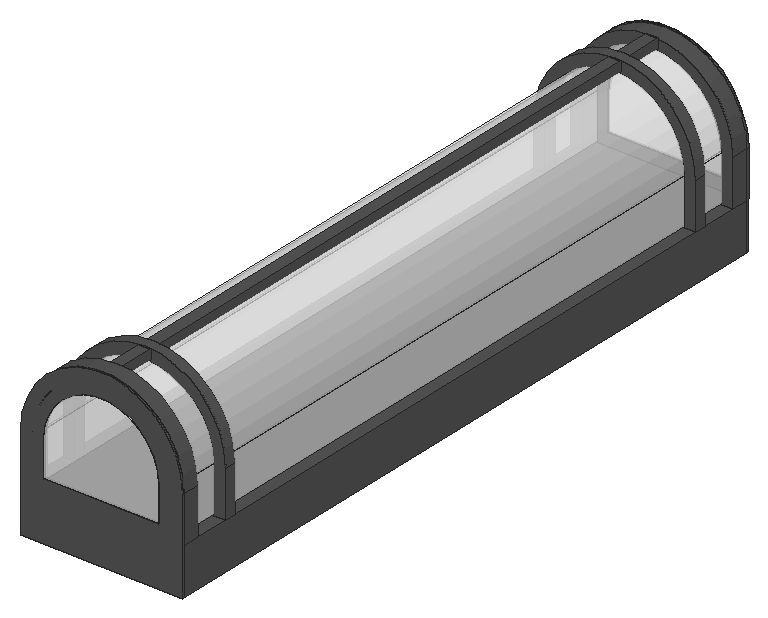
Revit family "AFX-Crain-Outdoor_Sconce", category Lighting Fixtures, host Face, Revit 2022
Family settings
  Host = Face
  Round Connector Dimension = Use Diameter
  Part Type = Normal
  Cut with Voids When Loaded = No
  Light Source = Yes
  Maintain Annotation Orientation = No
  Shared = No
  Room Calculation Point = No
Parameters (values of type "CRNW0624")
  Width = 5 1/2"
  Wattage Comments = "24W"
  Wattage = 24 W
  built-in parameter 1150110 = 1 (stored number, unit not read)
  Voltage = 120 V
  URL = "https://www.afxinc.com/"
  Type Comments = "Crain"  # constant formula
  built-in parameter 1114217 = 1 (stored number, unit not read)
  Tilt Angle = 90.00°
  built-in parameter 1150109 = 1 (stored number, unit not read)
  built-in parameter 1150134 = (empty or 0)
  built-in parameter 1150113 = 1 (stored number, unit not read)
  Revit Model Built By = "https://www.servex-us.com/servex-revit/"
  Product Documentation Link = "https://www.afxinc.com/products/productDetail.cfm?productID=2980"
  Power Factor = 1
  Photometric Web File = "CRNW0624LAJUDTG_3000K_IES.IES"
  built-in parameter 1150142 = "IESNA:LM-63-2002\r\n[TEST] LCZP24090314\r\n[TESTLAB] LCTECH 241225103003\r\n[TESTDATE] 2025/1/6\r\n[ISSUEDATE] 2025/1/6\r\n[MANUFAC] ÀÖ´ï¿­\r\n[LUMCAT] CRNW0624LAJUDTG\r\n[LUMINAIRE] LED lamp\r\n[LAMPCAT] \r\n[LAMP] \r\n[LumELE] 119.97 0.204 24.26 0.9932\r\nTILT=NONE\r\n1 1929.99 1 37 13 1 2 0.1 0.57 0.12\r\n1 1 24.26\r\n0.00 5.00 10.00 15.00 20.00 25.00 30.00 35.00 40.00 45.00 50.00 55.00 60.00 65.00 70.00 75.00 80.00 85.00 90.00 95.00 100.00 105.00 110.00 115.00 120.00 125.00 130.00 135.00 140.00 145.00 150.00 155.00 160.00 165.00 170.00 175.00 180.00\r\n0.00 15.00 30.00 45.00 60.00 75.00 90.00 105.00 120.00 135.00 150.00 165.00 180.00\r\n250.303 261.271 275.071 287.031 294.39 299.91 302.67 303.59 303.59 308.19 310.95 312.79 312.79 311.87 309.11 306.35 301.75 298.99 298.07 298.07 299.91 303.59 308.19 311.87 313.71 315.55 315.55 313.71 311.87 309.11 310.03 308.19 304.51 297.15 287.95 \r\n275.991 114.288\r\n250.303 261.271 275.071 286.111 293.93 298.99 301.29 300.83 299.91 302.21 304.05 304.97 304.51 302.67 299.91 295.77 291.17 287.031 286.571 287.03 288.87 292.55 297.61 301.75 304.97 306.81 308.19 306.81 305.43 305.43 306.81 305.89 301.75 295.77 286.571 \r\n274.611 114.288\r\n250.303 261.731 273.691 283.351 289.79 293.01 294.39 292.55 288.41 286.111 285.191 283.811 280.591 276.451 271.851 266.331 259.891 254.832 252.992 253.452 256.212 261.731 267.711 273.691 278.291 282.891 285.651 287.49 289.33 294.39 297.61 297.61 295.77 \r\n291.17 283.351 270.931 114.288\r\n250.303 260.351 269.551 277.371 281.511 282.891 281.971 278.751 272.771 264.491 257.131 250.692 243.792 235.972 227.232 218.493 209.753 202.853 200.093 200.553 204.693 212.513 221.253 230.452 238.732 246.552 253.452 261.271 270.011 277.371 282.431 285.191\r\n 285.651 283.351 275.991 250.692 114.288\r\n250.303 257.591 263.571 267.711 269.091 268.631 264.951 258.971 251.152 240.572 227.692 213.893 200.553 186.294 172.954 159.155 146.735 136.155 131.556 132.476 139.375 151.335 164.215 178.474 190.894 205.613 220.793 234.592 246.092 255.752 263.571 269.091\r\n 271.391 270.471 255.292 231.832 114.288\r\n250.303 255.752 257.591 257.591 254.832 250.232 244.252 235.512 223.553 211.133 196.413 179.854 161.455 142.135 121.436 101.657 82.337 66.698 58.418 60.718 72.218 88.777 109.016 129.256 149.495 169.274 187.674 203.313 218.033 229.992 240.572 248.392 \r\n253.912 248.392 232.752 221.713 114.288\r\n250.303 256.212 253.452 248.852 241.032 232.292 221.253 207.913 193.654 176.634 159.155 140.295 120.056 98.437 76.817 55.198 36.339 21.619 15.639 21.619 36.339 55.658 76.357 97.977 119.596 140.295 159.155 177.554 194.114 209.293 222.633 229.072 219.413 \r\n196.873 180.314 181.694 114.288\r\n250.303 246.552 239.652 229.992 219.413 206.533 191.814 175.714 158.695 140.295 121.436 101.657 82.337 63.478 45.079 29.899 17.939 12.42 12.88 16.099 25.299 38.639 55.198 73.138 91.997 108.556 125.576 142.595 157.775 172.494 185.834 194.114 194.574 \r\n184.454 190.894 206.073 114.288\r\n250.303 241.952 231.372 218.953 204.693 189.054 172.494 154.555 137.075 118.676 100.737 82.797 64.858 48.298 33.119 20.699 13.34 11.96 11.96 12.88 17.939 27.599 39.099 52.898 67.158 81.417 95.217 108.556 117.296 133.856 146.735 154.095 156.395 153.175 \r\n165.135 195.034 114.288\r\n250.303 237.812 224.473 208.833 193.194 176.174 158.235 140.755 122.356 104.877 86.477 70.378 53.818 38.639 25.759 15.179 11.04 11.04 11.04 10.58 14.26 21.619 32.659 44.159 52.438 71.758 86.477 101.197 113.156 123.276 135.696 143.055 143.055 139.835 \r\n143.975 179.394 114.288\r\n250.303 235.052 219.413 201.933 190.894 166.055 148.575 129.256 112.236 93.837 77.737 61.178 45.538 31.279 18.859 10.58 8.74 8.74 8.74 8.74 9.66 17.939 27.139 38.639 51.518 64.858 79.577 94.757 109.476 122.356 133.856 144.895 142.595 132.936 124.196 \r\n160.535 114.288\r\n250.303 231.832 215.273 197.333 178.934 160.535 141.675 123.276 112.236 87.857 70.838 54.738 39.559 26.219 13.80 6.90 6.44 6.44 6.44 6.44 6.90 13.80 22.999 34.499 46.458 60.258 73.598 88.777 103.497 118.216 133.396 144.435 151.335 127.416 100.737 155.475 \r\n114.288\r\n250.303 230.912 213.433 195.034 177.554 157.315 139.835 121.436 103.037 85.557 68.998 52.438 48.758 22.999 11.96 5.52 4.60 4.60 4.60 4.60 4.60 11.04 21.159 32.199 44.159 57.958 71.758 87.397 103.037 116.836 131.556 144.435 156.395 121.436 90.157 157.315 \r\n114.288\r\n"
  Model = "CRNW0624"
  Manufacturer = "AFX Inc"  # constant formula
  built-in parameter 1150105 = 7063.1 (stored number, unit not read)
  Lumens = 43200 lm
  built-in parameter 1150115 = 1 (stored number, unit not read)
  built-in parameter 1150137 = (empty or 0)
  built-in parameter 1150139 = (empty or 0)
  built-in parameter 1150112 = 1 (stored number, unit not read)
  built-in parameter 1150114 = 1 (stored number, unit not read)
  Keynote = "12500"  # constant formula
  built-in parameter 1150132 = (empty or 0)
  built-in parameter 1150102 = (empty or 0)
  built-in parameter 1150107 = 3000 (stored number, unit not read)
  built-in parameter 1150138 = (empty or 0)
  built-in parameter 1150106 = 70.631 (stored number, unit not read)
  Height = 24"
  Frame Finish = AFX - Paint Black
  Emit from Circle Diameter = 5"
  Emit Shape Visible in Rendering = no
  built-in parameter 1150104 = 167.23 (stored number, unit not read)
  Dimming Lamp Color Temperature Shift = <None>
  Diffuser Finish = AFX - Diffuser
  Description = "LED Outdoor Sconce - 5 1/2\"W x 6\"D x 24\"H"
  Depth = 6"
  Default Elevation = 48"
  Color Filter = 16777215
  built-in parameter 1114218 = 1 (stored number, unit not read)
  built-in parameter 1150133 = 10 (stored number, unit not read)
  Assembly Code = "D5020200"
  Apparent Load = 0 VA
Reference planes (in)
  plane 1 "Center (Front/Back)": y = 0
  plane 2: z = 0
  plane 3 "Center (Left/Right)": x = 0
  plane 4: x = -2.75
  plane 5: x = 2.75
  plane 6: y = 12
  plane 7: y = -12
  plane 8: z = 6
  plane 9: y = 11.94094
  plane 10: y = -11.94094
Forms (in)
  Extrusion 1, solid, material "AFX - Paint Black" <- "Frame Finish"
    sketch origin (0, -0.06693, 0) x (1, 0, 0) y (0, 0, 1)
      loop
        line (2.75, 0) -> (2.75, 3.15551)
        arc (2.75, 3.15551) -> (0, 5.90551) -> (-2.75, 3.15551) r 2.75
        line (-2.75, 3.15551) -> (-2.75, 0) -> (2.75, 0)
    from 11.87402 to 11.93307
  Extrusion 2, solid, material "AFX - Paint Black" <- "Frame Finish"
    sketch origin (0, 0.06693, 0) x (1, 0, 0) y (0, 0, -1)
      loop
        line (2.75, 0) -> (-2.75, 0) -> (-2.75, -3.15551)
        arc (-2.75, -3.15551) -> (0, -5.90551) -> (2.75, -3.15551) r 2.75
        line (2.75, -3.15551) -> (2.75, 0)
    from 11.87402 to 11.93307
  Sweep 3, solid, material "AFX - Paint Black" <- "Frame Finish"
    path origin (0, 0, 0) x (1, 0, 0) y (0, 0, 1)
      loop
        line (-2.75591, 1.5748) -> (-2.75591, 3.14225)
        arc (-2.75591, 3.14225) -> (0, 5.89816) -> (2.75591, 3.14225) r 2.75591
        line (2.75591, 3.14225) -> (2.75591, 1.5748)
    profile origin (-2.75591, 0, 2.35853) x (-1, 0, 0) y (0, -1, 0)
      loop
        line (-0.3937, 11.35039) -> (-0.00591, 11.35039) -> (-0.00591, 11.94094) -> (-0.3937, 11.94094) -> (-0.3937, 11.35039)
      loop
        line (-0.3937, 9.77559) -> (-0.00591, 9.77559) -> (-0.00591, 10.16929) -> (-0.3937, 10.16929) -> (-0.3937, 9.77559)
      loop
        line (-0.3937, -11.94094) -> (-0.00591, -11.94094) -> (-0.00591, -11.35039) -> (-0.3937, -11.35039) -> (-0.3937, -11.94094)
      loop
        line (-0.3937, -10.16929) -> (-0.00591, -10.16929) -> (-0.00591, -9.77559) -> (-0.3937, -9.77559) -> (-0.3937, -10.16929)
  Extrusion 4, solid, material "AFX - Paint Black" <- "Frame Finish"
    sketch origin (0, 0, 0) x (1, 0, 0) y (0, 0, 1)
      loop
        line (-2.75, 0) -> (2.75, 0) -> (2.75, 1.5748) -> (-2.75, 1.5748) -> (-2.75, 0)
    from -11.94094 to 11.94094
  Extrusion 5, solid, material "AFX - Diffuser" <- "Diffuser Finish"
    sketch origin (0, 0, 0) x (1, 0, 0) y (0, 0, 1)
      loop
        line (-1.94882, 3.14961) -> (-1.94882, 1.98819) -> (1.94882, 1.98819) -> (1.94882, 3.14961)
        arc (1.94882, 3.14961) -> (0, 5.09843) -> (-1.94882, 3.14961) r 1.94882
    from 11.94094 to 12
  Extrusion 6, void
    sketch origin (0, 0, 0) x (1, 0, 0) y (0, 0, 1)
      loop
        line (-1.9685, 1.9685) -> (1.9685, 1.9685) -> (1.9685, 3.1512)
        arc (1.9685, 3.1512) -> (0, 5.1197) -> (-1.9685, 3.1512) r 1.9685
        line (-1.9685, 3.1512) -> (-1.9685, 1.9685)
    from 11.94094 to 12
  Extrusion 7, solid, material "AFX - Diffuser" <- "Diffuser Finish"
    sketch origin (0, 0, 0) x (1, 0, 0) y (0, 0, -1)
      loop
        arc (-1.94882, -3.14961) -> (0, -5.09843) -> (1.94882, -3.14961) r 1.94882
        line (1.94882, -3.14961) -> (1.94882, -1.98819) -> (-1.94882, -1.98819) -> (-1.94882, -3.14961)
    from 12 to 11.94094
  Extrusion 8, void
    sketch origin (0, 0, 0) x (1, 0, 0) y (0, 0, 1)
      loop
        line (-1.9685, 1.9685) -> (1.9685, 1.9685) -> (1.9685, 3.1512)
        arc (1.9685, 3.1512) -> (0, 5.1197) -> (-1.9685, 3.1512) r 1.9685
        line (-1.9685, 3.1512) -> (-1.9685, 1.9685)
    from -12 to -11.94094
  Extrusion 9, solid, material "AFX - Diffuser" <- "Diffuser Finish"
    sketch origin (0, 0, 0) x (1, 0, 0) y (0, 0, 1)
      loop
        line (-2.3563, 1.5748) -> (-2.31693, 1.5748) -> (-2.31693, 3.14961)
        arc (-2.31693, 3.14961) -> (0, 5.46654) -> (2.31693, 3.14961) r 2.31693
        line (2.31693, 3.14961) -> (2.31693, 1.5748) -> (2.3563, 1.5748) -> (2.3563, 3.14961)
        arc (2.3563, 3.14961) -> (0, 5.50591) -> (-2.3563, 3.14961) r 2.3563
        line (-2.3563, 3.14961) -> (-2.3563, 1.5748)
    from -11.94094 to 11.94094
  Extrusion 10, solid, material "AFX - Paint Black" <- "Frame Finish"
    sketch origin (0, 0, -0.00391) x (1, 0, 0) y (0, 0, 1)
      loop
        line (-0.19685, 5.87988) -> (-0.19685, 5.55626) -> (0.19685, 5.55626) -> (0.19685, 5.87988) -> (-0.19685, 5.87988)
    from -11.94094 to 11.94094
Cuts and joins
  Extrusion 6 cuts Extrusion 1
  Extrusion 8 cuts Extrusion 2
  joined: Sweep 3, Extrusion 10
Lines and regions (in)
  symbolic lines
    curve 1: arc (-2.75, 0, 3.15551) -> (0, 0, 5.90551) -> (2.75, 0, 3.15551) r 2.75
    curve 2: line (2.75, 0, 3.15551) -> (2.75, 0, 0)
    curve 3: line (2.75, 0, 0) -> (-2.75, 0, 0)
    curve 4: line (-2.75, 0, 0) -> (-2.75, 0, 3.15551)
    curve 5: arc (1.9685, 0, 3.1512) -> (0, 0, 5.1197) -> (-1.9685, 0, 3.1512) r 1.9685
    curve 6: line (-1.9685, 0, 3.1512) -> (-1.9685, 0, 1.9685)
    curve 7: line (-1.9685, 0, 1.9685) -> (1.9685, 0, 1.9685)
    curve 8: line (1.9685, 0, 1.9685) -> (1.9685, 0, 3.1512)
Dimensions and locks (in)
  equal spacing: plane 7, plane 1 "Center (Front/Back)", plane 6
  "Height": plane 6 to plane 7
  equal spacing: plane 4, plane 3 "Center (Left/Right)", plane 5
  "Width": plane 4 to plane 5
  "Depth": plane 2 to plane 8
  locked: plane 6 to plane 9 at 0.05906
  locked: plane 10 to plane 7 at 0.05906
  locked: Extrusion 4 sketch curve to plane 2 at 1.5748
  locked: plane 8 to Extrusion 1 sketch curve at 2.84449
  locked: plane 8 to Extrusion 2 sketch curve at 2.84449
  plane 7 to Sweep 3 sketch curve to Sweep 3 sketch curve to Sweep 3 sketch curve = 0.64961" locked, 1.1811" locked, 0.3937" locked
  Sweep 3 sketch curve to Sweep 3 sketch curve to plane 6 = 1.5748" locked, 0.64961" locked
  Extrusion 6 sketch curve to Extrusion 6 sketch curve to plane 2 = 1.1827" locked, 1.9685" locked
  Extrusion 5 sketch curve to Extrusion 5 sketch curve to plane 2 = 1.16142" locked, 1.98819" locked
  Extrusion 8 sketch curve to Extrusion 8 sketch curve to plane 2 = 1.1827" locked, 1.9685" locked
  Extrusion 7 sketch curve to Extrusion 5 to plane 2 = 1.16142" locked, 1.98819" locked
  locked: plane 4 to Sweep 3 sketch curve at 0.3878  (x4)
  plane 8 to Extrusion 10 sketch curve to Extrusion 10 sketch curve = 0.12403" locked, 0.32362" locked
  equal spacing: Extrusion 10 sketch curve, plane 3 "Center (Left/Right)", Extrusion 10 sketch curve, locked at 0.19685 each
  aligned and locked: host face to plane 2
  aligned and locked: level to host face
  aligned and locked: plane 10 to Sweep 3 sketch curve
  aligned and locked: Sweep 3 sketch curve to plane 4
  aligned and locked: plane 10 to Extrusion 4
  aligned and locked: plane 9 to Extrusion 4
  aligned and locked: plane 5 to Extrusion 4 sketch curve
  aligned and locked: plane 4 to Extrusion 4 sketch curve
  aligned and locked: Extrusion 4 sketch curve to plane 2
  aligned and locked: plane 4 to Extrusion 1 sketch curve
  aligned and locked: Extrusion 1 sketch curve to plane 5
  aligned and locked: Extrusion 1 sketch curve to plane 2
  aligned and locked: plane 3 "Center (Left/Right)" to Extrusion 1 sketch curve
  aligned and locked: Extrusion 2 sketch curve to plane 2
  aligned and locked: plane 4 to Extrusion 2 sketch curve
  aligned and locked: Extrusion 2 sketch curve to plane 5
  aligned and locked: plane 3 "Center (Left/Right)" to Extrusion 2 sketch curve
  aligned and locked: plane 6 to Extrusion 2
  aligned and locked: Extrusion 2 to plane 9
  aligned and locked: plane 7 to Extrusion 1
  aligned and locked: Extrusion 1 to plane 10
  aligned and locked: Extrusion 5 to plane 10
  aligned and locked: plane 7 to Extrusion 5
  aligned and locked: plane 7 to Extrusion 6
  aligned and locked: Extrusion 6 to plane 10
  aligned and locked: plane 3 "Center (Left/Right)" to Extrusion 6 sketch curve
  aligned and locked: plane 3 "Center (Left/Right)" to Extrusion 5 sketch curve
  aligned and locked: plane 3 "Center (Left/Right)" to Extrusion 8 sketch curve
  aligned and locked: plane 6 to Extrusion 8
  aligned and locked: Extrusion 8 to plane 9
  aligned and locked: plane 3 "Center (Left/Right)" to Extrusion 7 sketch curve
  aligned and locked: Extrusion 7 to plane 9
  aligned and locked: plane 6 to Extrusion 7
  aligned and locked: plane 9 to Extrusion 10
  aligned and locked: plane 10 to Extrusion 10
  aligned and locked: plane 10 to Extrusion 9
  aligned and locked: plane 9 to Extrusion 9
  aligned and locked: curve 1 to cut or joined group of Extrusion 2, Extrusion 8
  aligned and locked: curve 5 to cut or joined group of Extrusion 2, Extrusion 8
  aligned and locked: curve 7 to cut or joined group of Extrusion 2, Extrusion 8
  aligned and locked: curve 8 to cut or joined group of Extrusion 2, Extrusion 8
  aligned and locked: plane 3 "Center (Left/Right)" to imposter light
  aligned and locked: imposter light to plane 1 "Center (Front/Back)"
Automatic sketch dimensions
  host sketch curve to host sketch curve = 96"  (x2)
  plane 4 to Extrusion 5 sketch curve = 0.80118"
  plane 4 to Extrusion 6 sketch curve = 0.7815"
  plane 4 to Extrusion 7 sketch curve = 0.80118"
  plane 5 to Extrusion 8 sketch curve = 0.7815"
  Extrusion 7 sketch curve to Extrusion 7 sketch curve = 1.16142"
  Extrusion 9 sketch curve to Extrusion 9 sketch curve = 0"  (x2)
  Extrusion 9 sketch curve to plane 3 "Center (Left/Right)" = 0"
  plane 4 to Extrusion 9 sketch curve = 0.43307"
  Extrusion 9 sketch curve to Extrusion 9 sketch curve = 0.03937"
  level to Extrusion 9 sketch curve = 1.5748"  (x2)
  Extrusion 9 sketch curve to Extrusion 9 sketch curve = 1.5748"
  curve 4 to level = 0"
  Sweep 3 sketch curve to plane 3 "Center (Left/Right)" = 0"
  Sweep 3 sketch curve to plane 4 = 0.00591"
  Sweep 3 sketch curve to plane 8 = 2.85775"
  Sweep 3 sketch curve to Sweep 3 sketch curve = 1.56745"  (x2)
  profile plane to Sweep 3 sketch curve = 0.00591"  (x3)
  Sweep 3 sketch curve to Sweep 3 sketch curve = 0.59055"
  Sweep 3 sketch curve to Sweep 3 sketch curve = 0.3937"
  Extrusion 10 sketch curve to plane 3 "Center (Left/Right)" = 0.19685"
Connectors (in)
  electrical at (0, 0, 0), driven by "Voltage", driven by "Apparent Load", driven by "Power Factor"
    settings: on Extrusion 4, index 1, voltage 120 V, apparent load 0 VA, apparent load phase1 0 VA, apparent load phase2 0 VA, apparent load phase3 0 VA, power factor 1, load classification "Lighting", number of poles 1, system type 31, power factor state 1, is connector primary yes, connector utility no, sub classification motor no, connector description ""
Types (3): name | Wattage Comments | Wattage | Product Documentation Link | Photometric Web File | built-in parameter 1150142 | Model | built-in parameter 1150105 | Lumens | built-in parameter 1150106 | Height | built-in parameter 1150104 | Description
  (no name) | "24W" | 24 W | "https://www.afxinc.com/products/productDetail.cfm?productID=2980" | "CRNW0624LAJUDTG_3000K_IES.IES" | "IESNA:LM-63-2002\r\n[TEST] LCZP24090314\r\n[TESTLAB] LCTECH 241225103003\r\n[TESTDATE] 2025/1/6\r\n[ISSUEDATE] 2025/1/6\r\n[MANUFAC] ÀÖ´ï¿­\r\n[LUMCAT] CRNW0624LAJUDTG\r\n[LUMINAIRE] LED lamp\r\n[LAMPCAT] \r\n[LAMP] \r\n[LumELE] 119.97 0.204 24.26 0.9932\r\nTILT=NONE\r\n1 1929.99 1 37 13 1 2 0.1 0.57 0.12\r\n1 1 24.26\r\n0.00 5.00 10.00 15.00 20.00 25.00 30.00 35.00 40.00 45.00 50.00 55.00 60.00 65.00 70.00 75.00 80.00 85.00 90.00 95.00 100.00 105.00 110.00 115.00 120.00 125.00 130.00 135.00 140.00 145.00 150.00 155.00 160.00 165.00 170.00 175.00 180.00\r\n0.00 15.00 30.00 45.00 60.00 75.00 90.00 105.00 120.00 135.00 150.00 165.00 180.00\r\n250.303 261.271 275.071 287.031 294.39 299.91 302.67 303.59 303.59 308.19 310.95 312.79 312.79 311.87 309.11 306.35 301.75 298.99 298.07 298.07 299.91 303.59 308.19 311.87 313.71 315.55 315.55 313.71 311.87 309.11 310.03 308.19 304.51 297.15 287.95 \r\n275.991 114.288\r\n250.303 261.271 275.071 286.111 293.93 298.99 301.29 300.83 299.91 302.21 304.05 304.97 304.51 302.67 299.91 295.77 291.17 287.031 286.571 287.03 288.87 292.55 297.61 301.75 304.97 306.81 308.19 306.81 305.43 305.43 306.81 305.89 301.75 295.77 286.571 \r\n274.611 114.288\r\n250.303 261.731 273.691 283.351 289.79 293.01 294.39 292.55 288.41 286.111 285.191 283.811 280.591 276.451 271.851 266.331 259.891 254.832 252.992 253.452 256.212 261.731 267.711 273.691 278.291 282.891 285.651 287.49 289.33 294.39 297.61 297.61 295.77 \r\n291.17 283.351 270.931 114.288\r\n250.303 260.351 269.551 277.371 281.511 282.891 281.971 278.751 272.771 264.491 257.131 250.692 243.792 235.972 227.232 218.493 209.753 202.853 200.093 200.553 204.693 212.513 221.253 230.452 238.732 246.552 253.452 261.271 270.011 277.371 282.431 285.191\r\n 285.651 283.351 275.991 250.692 114.288\r\n250.303 257.591 263.571 267.711 269.091 268.631 264.951 258.971 251.152 240.572 227.692 213.893 200.553 186.294 172.954 159.155 146.735 136.155 131.556 132.476 139.375 151.335 164.215 178.474 190.894 205.613 220.793 234.592 246.092 255.752 263.571 269.091\r\n 271.391 270.471 255.292 231.832 114.288\r\n250.303 255.752 257.591 257.591 254.832 250.232 244.252 235.512 223.553 211.133 196.413 179.854 161.455 142.135 121.436 101.657 82.337 66.698 58.418 60.718 72.218 88.777 109.016 129.256 149.495 169.274 187.674 203.313 218.033 229.992 240.572 248.392 \r\n253.912 248.392 232.752 221.713 114.288\r\n250.303 256.212 253.452 248.852 241.032 232.292 221.253 207.913 193.654 176.634 159.155 140.295 120.056 98.437 76.817 55.198 36.339 21.619 15.639 21.619 36.339 55.658 76.357 97.977 119.596 140.295 159.155 177.554 194.114 209.293 222.633 229.072 219.413 \r\n196.873 180.314 181.694 114.288\r\n250.303 246.552 239.652 229.992 219.413 206.533 191.814 175.714 158.695 140.295 121.436 101.657 82.337 63.478 45.079 29.899 17.939 12.42 12.88 16.099 25.299 38.639 55.198 73.138 91.997 108.556 125.576 142.595 157.775 172.494 185.834 194.114 194.574 \r\n184.454 190.894 206.073 114.288\r\n250.303 241.952 231.372 218.953 204.693 189.054 172.494 154.555 137.075 118.676 100.737 82.797 64.858 48.298 33.119 20.699 13.34 11.96 11.96 12.88 17.939 27.599 39.099 52.898 67.158 81.417 95.217 108.556 117.296 133.856 146.735 154.095 156.395 153.175 \r\n165.135 195.034 114.288\r\n250.303 237.812 224.473 208.833 193.194 176.174 158.235 140.755 122.356 104.877 86.477 70.378 53.818 38.639 25.759 15.179 11.04 11.04 11.04 10.58 14.26 21.619 32.659 44.159 52.438 71.758 86.477 101.197 113.156 123.276 135.696 143.055 143.055 139.835 \r\n143.975 179.394 114.288\r\n250.303 235.052 219.413 201.933 190.894 166.055 148.575 129.256 112.236 93.837 77.737 61.178 45.538 31.279 18.859 10.58 8.74 8.74 8.74 8.74 9.66 17.939 27.139 38.639 51.518 64.858 79.577 94.757 109.476 122.356 133.856 144.895 142.595 132.936 124.196 \r\n160.535 114.288\r\n250.303 231.832 215.273 197.333 178.934 160.535 141.675 123.276 112.236 87.857 70.838 54.738 39.559 26.219 13.80 6.90 6.44 6.44 6.44 6.44 6.90 13.80 22.999 34.499 46.458 60.258 73.598 88.777 103.497 118.216 133.396 144.435 151.335 127.416 100.737 155.475 \r\n114.288\r\n250.303 230.912 213.433 195.034 177.554 157.315 139.835 121.436 103.037 85.557 68.998 52.438 48.758 22.999 11.96 5.52 4.60 4.60 4.60 4.60 4.60 11.04 21.159 32.199 44.159 57.958 71.758 87.397 103.037 116.836 131.556 144.435 156.395 121.436 90.157 157.315 \r\n114.288\r\n" | "CRNW0624" | 7063.1 (stored number, unit not read) | 43200 lm | 70.631 (stored number, unit not read) | 24" | 167.23 (stored number, unit not read) | "LED Outdoor Sconce - 5 1/2\"W x 6\"D x 24\"H"
  CRNW0616 | "20W" | 20 W | "https://www.afxinc.com/products/productDetail.cfm?productID=2977" | "CRNW0616LAJUDBK_3000K_IES.IES" | "IESNA:LM-63-2002\r\n[TEST] LCZP24090314\r\n[TESTLAB] LCTECH 241225103004\r\n[TESTDATE] 2025/1/6\r\n[ISSUEDATE] 2025/1/6\r\n[MANUFAC] ÀÖ´ï¿­\r\n[LUMCAT] CRNW0616LAJUDBK\r\n[LUMINAIRE] LED lamp\r\n[LAMPCAT] \r\n[LAMP] \r\n[LumELE] 120 0.18 21.38 0.9909\r\nTILT=NONE\r\n1 1531.89 1 37 13 1 2 0.1 0.57 0.12\r\n1 1 21.38\r\n0.00 5.00 10.00 15.00 20.00 25.00 30.00 35.00 40.00 45.00 50.00 55.00 60.00 65.00 70.00 75.00 80.00 85.00 90.00 95.00 100.00 105.00 110.00 115.00 120.00 125.00 130.00 135.00 140.00 145.00 150.00 155.00 160.00 165.00 170.00 175.00 180.00\r\n0.00 15.00 30.00 45.00 60.00 75.00 90.00 105.00 120.00 135.00 150.00 165.00 180.00\r\n194.68 204.233 216.193 225.393 231.832 237.352 239.192 240.112 241.032 243.792 246.552 249.312 250.232 250.232 249.312 246.552 243.792 241.032 241.032 242.872 245.632 249.312 252.992 256.672 257.591 258.511 258.511 256.672 253.912 250.232 249.312 248.392 \r\n244.712 239.192 231.832 221.713 86.902\r\n194.68 204.693 215.733 224.473 230.452 235.052 237.812 237.812 236.892 239.192 241.032 242.412 242.872 242.412 240.572 237.812 234.132 231.372 230.912 232.752 235.972 240.112 244.252 247.472 249.772 251.152 251.152 250.692 248.392 246.092 246.552 246.092 \r\n243.332 237.812 231.372 222.633 86.902\r\n194.68 203.773 213.433 220.793 226.313 229.992 230.912 229.992 227.232 225.393 224.933 224.013 222.173 219.413 215.733 211.593 206.993 203.773 203.773 205.153 207.913 212.973 218.493 223.553 227.232 230.912 233.212 234.592 235.052 236.892 239.192 239.652 \r\n238.272 234.592 228.612 219.873 86.902\r\n194.68 202.853 209.753 216.193 219.413 221.253 220.333 218.033 213.893 207.913 201.473 196.413 190.894 184.914 178.934 172.034 165.595 160.995 160.075 161.455 165.595 172.034 179.394 186.754 193.654 200.093 205.613 210.673 217.573 223.093 227.692 229.992 \r\n229.992 228.152 224.013 208.373 86.902\r\n194.68 200.553 205.153 208.373 209.293 208.833 206.533 201.473 195.494 187.214 177.554 166.514 154.555 144.895 133.856 123.276 114.076 106.716 103.957 105.337 112.236 120.976 131.556 142.595 153.635 164.675 176.174 187.674 197.793 205.613 212.053 216.193 \r\n218.953 219.413 213.433 189.054 86.902\r\n194.68 198.713 199.633 199.633 197.793 194.574 189.054 181.694 172.954 163.295 151.795 138.455 124.196 108.556 91.997 75.438 61.638 51.058 45.998 47.838 57.498 70.378 86.017 102.577 119.596 135.236 149.955 163.295 175.254 184.914 194.574 201.013 206.073 \r\n207.453 195.494 172.494 86.902\r\n194.68 196.413 194.114 190.434 184.914 178.014 169.274 159.155 147.655 135.236 120.976 105.796 90.617 74.058 57.958 42.319 28.519 18.399 15.639 18.399 29.439 43.699 59.338 76.817 93.377 110.396 126.036 140.755 154.555 166.514 176.634 185.834 190.894 \r\n179.394 144.895 117.756 86.902\r\n194.68 191.354 185.834 178.474 170.194 160.075 148.575 136.155 123.736 109.016 94.757 80.037 64.398 50.138 37.259 26.219 18.399 15.179 15.179 16.559 22.999 33.119 45.538 58.878 74.518 88.777 103.037 117.296 129.716 140.295 149.495 158.695 162.375 154.555 \r\n139.375 141.675 86.902\r\n194.68 187.214 178.934 169.734 158.695 147.195 134.316 120.056 106.256 91.997 78.657 64.858 51.978 40.019 28.519 20.239 14.26 13.80 13.34 13.34 17.479 23.919 33.579 44.159 55.658 67.618 79.117 91.077 96.597 109.476 115.916 124.196 128.336 124.196 111.316 \r\n128.796 86.902\r\n194.68 184.454 173.874 161.915 149.955 136.155 122.356 108.556 95.217 81.877 68.998 56.118 43.699 32.199 22.079 14.72 11.50 11.50 11.50 11.50 12.42 18.399 25.299 34.499 40.479 54.278 64.398 73.598 81.877 89.697 96.137 100.737 104.417 100.277 87.857 \r\n110.856 86.902\r\n194.68 182.154 169.734 156.395 148.115 128.796 114.996 101.197 87.857 74.518 62.098 49.218 36.799 25.759 16.559 10.58 8.74 8.74 8.74 8.74 8.74 13.34 21.619 29.899 39.559 49.218 60.258 69.458 76.817 83.257 90.157 95.217 98.897 89.237 68.538 98.437 86.902\r\n194.68 180.314 166.514 152.715 138.455 123.736 109.936 96.597 88.317 69.458 56.578 44.159 32.659 21.159 11.96 6.90 5.98 5.98 5.98 5.98 5.98 9.66 17.479 26.219 35.419 45.079 55.198 66.238 75.438 81.417 88.317 94.757 100.737 84.177 51.518 84.637 86.902\r\n194.68 179.394 165.595 150.875 137.075 122.356 108.556 94.757 80.957 68.078 54.278 42.319 38.639 19.319 10.12 4.60 4.60 4.60 4.60 3.68 3.68 7.36 14.72 23.919 33.119 43.239 54.278 64.398 75.438 80.957 87.397 94.757 100.277 82.797 45.079 88.317 86.902\r\n" | "CRNW0616" | 4893.8 (stored number, unit not read) | 29000 lm | 48.938 (stored number, unit not read) | 16" | 134.71 (stored number, unit not read) | "LED Outdoor Sconce - 5 1/2\"W x 6\"D x 16\"H"
